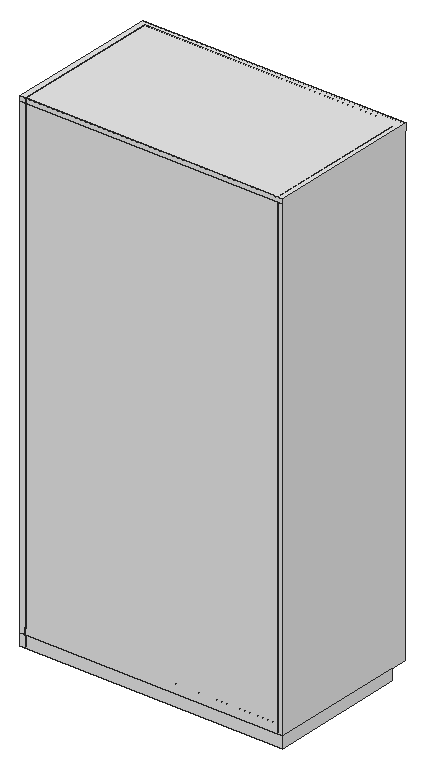
Revit family "Lockers_Series-52-with-Bottom-Base_Lincora", category Casework, Revit 2026
Family settings
  Work Plane-Based = No
  Always vertical = Yes
  Cut with Voids When Loaded = No
  Shared = No
  Room Calculation Point = No
Parameters (values of type "Series 52_White")
  Width = if(and(Requested Width < Max Width, Requested Width > Min Width), Requested Width, if(or(Requested Width = Max Width, Requested Width > Max Width), Max Width, Min Width))  # 48"
  URL = "https://www.lincora.com"
  Specification = "https://www.arcat.com/company/Harvey-Building-Products-32985/spec"
  Requested Width = 48"
  Requested Height = 90"
  Requested Depth = 28"
  Product Page URL = "https://www.arcat.com/company/Harvey-Building-Products-32985"
  Number Plate Material = Black Plastic
  Model = "Series 52"
  Min Width = 9"  # constant formula
  Min Height = 30 1/2"  # constant formula
  Min Depth = 12"  # constant formula
  Max Width = 48"  # constant formula
  Max Height = 90"  # constant formula
  Max Depth = 28"  # constant formula
  Manufacturer = "Lincora"
  Lock Material = Aluminum
  Keynote = "10 51 00"
  Increment = "8-Jan"
  Hook Width = Width - 2"  # 46"
  Hook Material = Aluminum
  Height = if(and(Requested Height < Max Height, Requested Height > Min Height), Requested Height, if(or(Requested Height = Max Height, Requested Height > Max Height), Max Height, Min Height))  # 90"
  Door Material = White
  Depth = if(and(Requested Depth < Max Depth, Requested Depth > Min Depth), Requested Depth, if(or(Requested Depth = Max Depth, Requested Depth > Max Depth), Max Depth, Min Depth))  # 28"
  Default Elevation = 0"
  Copyright = "ARCAT, Inc."
  CAD Details = "https://www.arcat.com/company/Harvey-Building-Products-32985/cad"
  Body Material = White
  Base Material = White
Types (12): name | Width | Requested Width | Requested Height | Requested Depth | Increment | Hook Width | Height | Door Material | Depth | Body Material | Base Material
  Series 52_White | 48" | 48" | 90" | 28" | "8-Jan" | 46" | 90" | White | 28" | White | White
  Series 52_Nevada Beige | 9" | 0" | 0" | 0" | "" | 7" | 30 1/2" | Nevada Beige | 12" | Nevada Beige | Nevada Beige
  Series 52_Pearl Gray | 9" | 0" | 0" | 0" | "" | 7" | 30 1/2" | Pearl Gray | 12" | Pearl Gray | Pearl Gray
  Series 52_Aluminum Gray | 9" | 0" | 0" | 0" | "" | 7" | 30 1/2" | Aluminum Gray | 12" | Aluminum Gray | Aluminum Gray
  Series 52_Platinum Gray | 9" | 0" | 0" | 0" | "" | 7" | 30 1/2" | Platinum Gray | 12" | Platinum Gray | Platinum Gray
  Series 52_Medium Gray | 9" | 0" | 0" | 0" | "" | 7" | 30 1/2" | Medium Gray | 12" | Medium Gray | Medium Gray
  Series 52_Dark Gray | 9" | 0" | 0" | 0" | "" | 7" | 30 1/2" | Dark Gray | 12" | Dark Gray | Dark Gray
  Series 52_Ocean Blue | 9" | 0" | 0" | 0" | "" | 7" | 30 1/2" | Ocean Blue | 12" | Ocean Blue | Ocean Blue
  Series 52_Azure Blue | 9" | 0" | 0" | 0" | "" | 7" | 30 1/2" | Azure Blue | 12" | Azure Blue | Azure Blue
  Series 52_Dark Blue | 9" | 0" | 0" | 0" | "" | 7" | 30 1/2" | Dark Blue | 12" | Dark Blue | Dark Blue
  Series 52_Black | 9" | 0" | 0" | 0" | "" | 7" | 30 1/2" | Black | 12" | Black | Black
  Series 52_Red | 9" | 0" | 0" | 0" | "" | 7" | 30 1/2" | Red | 12" | Red | Red
Reference planes (in)
  plane 1 "Center (Front/Back)": y = 0
  plane 2: z = 0
  plane 3 "Center (Left/Right)": x = 0
  plane 4: y = 14
  plane 5: y = -14
  plane 6: x = 24
  plane 7: x = -24
  plane 8: z = 90
  plane 9: y = 11
  plane 10: y = 12.645
  plane 11: y = 12.436
  plane 12: y = -13.902
  plane 13: z = 12.354
  plane 14: z = 13.229
  plane 15: z = 70
  plane 16: z = 69.125
  plane 17: z = 89.125
  plane 18: z = 88.59166
  plane 19: z = 3.346
  plane 20: z = 3.125
  plane 21: z = 2
  plane 22: z = 3
  plane 23: z = 3.937
  plane 24: z = 4.356
  plane 25: y = 11.936
  plane 26: y = 9.542
  plane 27: y = 8.106
  plane 28: y = -11.216
  plane 29: y = -12.652
  plane 30: x = -23.015
  plane 31: x = 23.015
  plane 32: x = -22.877
  plane 33: x = 22.77
  plane 34: x = -22.752
  plane 35: z = 45
  plane 36: z = 80
  plane 37: z = 79.125
  plane 38: x = -22.30078
  plane 39: x = -19.764
  plane 40: z = 48.48
  plane 41: z = 42.48
Forms (in)
  Extrusion 1, solid, material "White" <- "Body Material"
    sketch origin (0, 0, 0) x (0, 1, 0) y (0, 0, 1)
      loop
        line (12.382, 88.867) -> (12.382, 88.192)
        arc (12.382, 88.192) -> (12.361, 88.171) -> (12.34, 88.192) r 0.021
        line (12.34, 88.192) -> (12.34, 88.492) -> (12.286, 88.492) -> (12.286, 88.192)
        arc (12.286, 88.192) -> (12.361, 88.117) -> (12.436, 88.192) r 0.075
        line (12.436, 88.192) -> (12.436, 88.813) -> (14.064, 88.813) -> (14.064, 90) -> (-14.01, 90) -> (-14.01, 89.125) -> (-13.956, 89.125) -> (-13.956, 89.946) -> (14.01, 89.946) -> (14.01, 88.867) -> (12.382, 88.867)
    from -24 to 24
  Extrusion 2, solid, material "White" <- "Body Material"
    sketch origin (0, 0, 0) x (0, 1, 0) y (0, 0, 1)
      loop
        line (12.203, 89.125) -> (12.203, 89.946) -> (-13.852, 89.946) -> (-13.852, 89.125) -> (12.203, 89.125)
    from -23.015 to 23.015
  Extrusion 3, solid, material "White" <- "Body Material"
    sketch origin (0, 0, 0) x (0, 1, 0) y (0, 0, 1)
      loop
        line (12.382, 69.946) -> (12.382, 69.054) -> (11.636, 69.054)
        arc (11.636, 69.054) -> (11.615, 69.075) -> (11.636, 69.096) r 0.021
        line (11.636, 69.096) -> (11.936, 69.096) -> (11.936, 69.15) -> (11.636, 69.15)
        arc (11.636, 69.15) -> (11.561, 69.075) -> (11.636, 69) r 0.075
        line (11.636, 69) -> (12.436, 69) -> (12.436, 70) -> (-13.892, 70) -> (-13.892, 69.125) -> (-13.838, 69.125) -> (-13.838, 69.946) -> (12.382, 69.946)
    from -23.015 to 23.015
  Extrusion 4, solid, material "White" <- "Base Material"
    sketch origin (0, 0, 0) x (0, 1, 0) y (0, 0, 1)
      loop
        line (11, 2) -> (-14, 2) -> (-14, 0) -> (11, 0) -> (11, 2)
      loop
        line (10.946, 1.946) -> (-13.946, 1.946) -> (-13.946, 0.054) -> (10.946, 0.054) -> (10.946, 1.946)
    from -24 to 24
  Extrusion 5, solid, material "White" <- "Base Material"
    sketch origin (0, 0, 0) x (1, 0, 0) y (0, 1, 0)
      loop
        line (23.015, 10.946) -> (23.015, -13.946) -> (24, -13.946) -> (24, 10.946) -> (23.015, 10.946)
      loop
        line (-24, 10.946) -> (-24, -13.946) -> (-23.015, -13.946) -> (-23.015, 10.946) -> (-24, 10.946)
    from 0.054 to 1.946
  Extrusion 6, solid, material "White" <- "Body Material"
    sketch origin (0, 0, 0) x (0, 1, 0) y (0, 0, 1)
      loop
        line (13.882, 2.054) -> (13.436, 2.054) -> (13.436, 2) -> (13.936, 2) -> (13.936, 3.125) -> (12.436, 3.125) -> (12.436, 3.937) -> (-13.892, 4.356) -> (-13.892, 2.044) -> (-13.838, 2.044) -> (-13.838, 4.3008) -> (12.382, 3.88417) -> (12.382, 3.071) -> (13.882, 3.071) -> (13.882, 2.054)
    from -23.015 to 23.015
  Extrusion 7, solid, material "White" <- "Body Material"
    sketch origin (0, 0, 0) x (0, 1, 0) y (0, 0, 1)
      loop
        line (13.946, 2.044) -> (14, 2.044) -> (14, 3.265) -> (13.102, 3.265) -> (13.102, 3.346) -> (13.063, 3.346) -> (13.063, 3.141) -> (13.946, 3.141) -> (13.946, 2.044)
    from -23.015 to 23.015
  Extrusion 8, solid, material "White" <- "Door Material"
    sketch origin (0, 0, 0) x (0, 1, 0) y (0, 0, 1)
      loop
        line (13.929, 3.32428) -> (13.102, 3.32428) -> (13.102, 3.265) -> (14, 3.265) -> (14, 88.67266) -> (13.102, 88.67266) -> (13.102, 88.60166) -> (13.929, 88.60166) -> (13.929, 88.56822) -> (12.645, 88.56822) -> (12.645, 3.35772) -> (13.929, 3.35772) -> (13.929, 3.32428)
      loop
        line (13.929, 88.51422) -> (12.699, 88.51422) -> (12.699, 3.4) -> (13.929, 3.4) -> (13.929, 88.51422)
    from -22.877 to 22.77
  Extrusion 9, solid, material "White" <- "Body Material"
    sketch origin (0, 0, 0) x (0, 1, 0) y (0, 0, 1)
      loop
        line (11.936, 69.125) -> (11.936, 69.946) -> (-13.784, 69.946) -> (-13.784, 69.125) -> (11.936, 69.125)
    from -23.015 to 23.015
  Extrusion 10, solid, material "White" <- "Body Material"
    sketch origin (0, 0, -48.147) x (0, 1, 0) y (0, 0, 1)
      loop
        line (12.382, 61.322) -> (12.382, 60.43) -> (11.636, 60.43)
        arc (11.636, 60.43) -> (11.615, 60.451) -> (11.636, 60.472) r 0.021
        line (11.636, 60.472) -> (11.936, 60.472) -> (11.936, 60.526) -> (11.636, 60.526)
        arc (11.636, 60.526) -> (11.561, 60.451) -> (11.636, 60.376) r 0.075
        line (11.636, 60.376) -> (12.436, 60.376) -> (12.436, 61.376) -> (-13.892, 61.376) -> (-13.892, 60.501) -> (-13.838, 60.501) -> (-13.838, 61.322) -> (12.382, 61.322)
    from -23.015 to 23.015
  Extrusion 11, solid, material "White" <- "Body Material"
    sketch origin (0, 0, -48.147) x (0, 1, 0) y (0, 0, 1)
      loop
        line (11.936, 60.501) -> (11.936, 61.322) -> (-13.784, 61.322) -> (-13.784, 60.501) -> (11.936, 60.501)
    from -23.015 to 23.015
  Extrusion 12, solid, material "White" <- "Body Material"
    sketch origin (0, 0, 0) x (0, 1, 0) y (0, 0, 1)
      loop
        line (10.375, 2.14482) -> (12.20371, 2.10466) -> (12.24286, 3.88723) -> (-13.76402, 4.29918) -> (-13.78121, 3.51636) -> (-12.80341, 2.49465) -> (-10.375, 2.44132) -> (-10.375, 3) -> (10.375, 3) -> (10.375, 2.14482)
    from -23.015 to 23.015
  Extrusion 13, solid, material "White" <- "Body Material"
    sketch origin (0, 0, 0) x (0, 1, 0) y (0, 0, 1)
      loop
        line (-13.071, 2.044) -> (-13.902, 2.044) -> (-13.902, 89.92869) -> (-14, 89.94497) -> (-14, 2.044) -> (-13.946, 2.044) -> (-13.946, 2) -> (-13.071, 2) -> (-13.071, 2.044)
    from -23.015 to 23.015
  Extrusion 14, solid, material "White" <- "Body Material"
    sketch origin (0, 0, 0) x (1, 0, 0) y (0, 0, 1)
      loop
        line (-23.015, 89.946) -> (-23.015, 88.92066) -> (-24, 88.92066) -> (-24, 88.813) -> (24, 88.813) -> (24, 88.92066) -> (23.015, 88.92066) -> (23.015, 89.946) -> (-23.015, 89.946)
    from -14 to -13.171
  Extrusion 15, solid, material "White" <- "Body Material"
    sketch origin (0, 0, 0) x (1, 0, 0) y (0, 0, 1)
      loop
        line (-23.015, 3.125) -> (-23.015, 89.892) -> (-23.015, 90) -> (-24, 90) -> (-24, 2.044) -> (-23.123, 2.044) -> (-23.123, 3.125) -> (-23.015, 3.125)
      loop
        line (23.015, 90) -> (23.015, 3.125) -> (23.123, 3.125) -> (23.123, 2.044) -> (24, 2.044) -> (24, 90) -> (23.015, 90)
    from -14 to 14
  Extrusion 16, solid, material "Black Plastic" <- "Number Plate Material"
    sketch origin (6.57031, 0, -4.42969) x (1, 0, 0) y (0, 0, 1)
      loop
        line (-3.935, 49.683) -> (-6.195, 49.683) -> (-6.195, 48.923) -> (-3.935, 48.923) -> (-3.935, 49.683)
    from -14.052 to -14
  Extrusion 17, solid, material "Black Plastic" <- "Number Plate Material"
    sketch origin (6.57031, 0, -4.42969) x (1, 0, 0) y (0, 0, 1)
      loop
        arc (-4.50908, 49.44871) -> (-4.55774, 49.46572) -> (-4.59174, 49.50446) r 0.10143
        line (-4.59174, 49.50446) -> (-4.63323, 49.50446) -> (-4.63323, 49.144) -> (-4.70422, 49.144) -> (-4.70422, 49.10316) -> (-4.50908, 49.10316) -> (-4.50908, 49.144) -> (-4.58169, 49.144) -> (-4.58169, 49.41208) -> (-4.50908, 49.41208) -> (-4.50908, 49.44871)
      loop
        spline (-4.91459, 49.09473) -> (-4.88143, 49.10183) -> (-4.85052, 49.12264) -> (-4.82398, 49.15573) -> (-4.80362, 49.19887) -> (-4.79082, 49.2491) -> (-4.78645, 49.303) -> (-4.79082, 49.3569) -> (-4.80362, 49.40713) -> (-4.82398, 49.45027) -> (-4.85052, 49.48336) -> (-4.88143, 49.50417) -> (-4.91459, 49.51127)
        spline (-4.91459, 49.51127) -> (-4.94776, 49.50417) -> (-4.97867, 49.48336) -> (-5.00521, 49.45027) -> (-5.02557, 49.40713) -> (-5.03837, 49.3569) -> (-5.04274, 49.303) -> (-5.03837, 49.2491) -> (-5.02557, 49.19887) -> (-5.00521, 49.15573) -> (-4.97867, 49.12264) -> (-4.94776, 49.10183) -> (-4.91459, 49.09473)
      loop
        spline (-4.91459, 49.12322) -> (-4.89055, 49.12935) -> (-4.86815, 49.14731) -> (-4.84892, 49.17588) -> (-4.83416, 49.21311) -> (-4.82488, 49.25647) -> (-4.82171, 49.303) -> (-4.82488, 49.34953) -> (-4.83416, 49.39289) -> (-4.84892, 49.43012) -> (-4.86815, 49.45869) -> (-4.89055, 49.47665) -> (-4.91459, 49.48278)
        spline (-4.91459, 49.48278) -> (-4.93863, 49.47665) -> (-4.96104, 49.45869) -> (-4.98027, 49.43012) -> (-4.99503, 49.39289) -> (-5.00431, 49.34953) -> (-5.00748, 49.303) -> (-5.00431, 49.25647) -> (-4.99503, 49.21311) -> (-4.98027, 49.17588) -> (-4.96104, 49.14731) -> (-4.93863, 49.12935) -> (-4.91459, 49.12322)
      loop
        spline (-5.21476, 49.09473) -> (-5.18159, 49.10183) -> (-5.15069, 49.12264) -> (-5.12415, 49.15573) -> (-5.10378, 49.19887) -> (-5.09098, 49.2491) -> (-5.08661, 49.303) -> (-5.09098, 49.3569) -> (-5.10378, 49.40713) -> (-5.12415, 49.45027) -> (-5.15069, 49.48336) -> (-5.18159, 49.50417) -> (-5.21476, 49.51127)
        spline (-5.21476, 49.51127) -> (-5.24792, 49.50417) -> (-5.27883, 49.48336) -> (-5.30537, 49.45027) -> (-5.32573, 49.40713) -> (-5.33853, 49.3569) -> (-5.3429, 49.303) -> (-5.33853, 49.2491) -> (-5.32573, 49.19887) -> (-5.30537, 49.15573) -> (-5.27883, 49.12264) -> (-5.24792, 49.10183) -> (-5.21476, 49.09473)
      loop
        spline (-5.21476, 49.12322) -> (-5.19072, 49.12935) -> (-5.16832, 49.14731) -> (-5.14908, 49.17588) -> (-5.13432, 49.21311) -> (-5.12504, 49.25647) -> (-5.12187, 49.303) -> (-5.12504, 49.34953) -> (-5.13432, 49.39289) -> (-5.14908, 49.43012) -> (-5.16832, 49.45869) -> (-5.19072, 49.47665) -> (-5.21476, 49.48278)
        spline (-5.21476, 49.48278) -> (-5.2388, 49.47665) -> (-5.2612, 49.45869) -> (-5.28044, 49.43012) -> (-5.2952, 49.39289) -> (-5.30448, 49.34953) -> (-5.30764, 49.303) -> (-5.30448, 49.25647) -> (-5.2952, 49.21311) -> (-5.28044, 49.17588) -> (-5.2612, 49.14731) -> (-5.2388, 49.12935) -> (-5.21476, 49.12322)
      loop
        spline (-5.51492, 49.09473) -> (-5.48175, 49.10183) -> (-5.45085, 49.12264) -> (-5.42431, 49.15573) -> (-5.40394, 49.19887) -> (-5.39114, 49.2491) -> (-5.38678, 49.303) -> (-5.39114, 49.3569) -> (-5.40394, 49.40713) -> (-5.42431, 49.45027) -> (-5.45085, 49.48336) -> (-5.48175, 49.50417) -> (-5.51492, 49.51127)
        spline (-5.51492, 49.51127) -> (-5.54808, 49.50417) -> (-5.57899, 49.48336) -> (-5.60553, 49.45027) -> (-5.62589, 49.40713) -> (-5.6387, 49.3569) -> (-5.64306, 49.303) -> (-5.6387, 49.2491) -> (-5.62589, 49.19887) -> (-5.60553, 49.15573) -> (-5.57899, 49.12264) -> (-5.54808, 49.10183) -> (-5.51492, 49.09473)
      loop
        spline (-5.51492, 49.12322) -> (-5.49088, 49.12935) -> (-5.46848, 49.14731) -> (-5.44924, 49.17588) -> (-5.43448, 49.21311) -> (-5.4252, 49.25647) -> (-5.42204, 49.303) -> (-5.4252, 49.34953) -> (-5.43448, 49.39289) -> (-5.44924, 49.43012) -> (-5.46848, 49.45869) -> (-5.49088, 49.47665) -> (-5.51492, 49.48278)
        spline (-5.51492, 49.48278) -> (-5.53896, 49.47665) -> (-5.56136, 49.45869) -> (-5.5806, 49.43012) -> (-5.59536, 49.39289) -> (-5.60464, 49.34953) -> (-5.6078, 49.303) -> (-5.60464, 49.25647) -> (-5.59536, 49.21311) -> (-5.5806, 49.17588) -> (-5.56136, 49.14731) -> (-5.53896, 49.12935) -> (-5.51492, 49.12322)
    from -14.052 to -14.08434
  Extrusion 18, solid, material "White" <- "Body Material"
    sketch origin (0, 0, 10) x (0, 1, 0) y (0, 0, 1)
      loop
        line (12.382, 69.946) -> (12.382, 69.054) -> (11.636, 69.054)
        arc (11.636, 69.054) -> (11.615, 69.075) -> (11.636, 69.096) r 0.021
        line (11.636, 69.096) -> (11.936, 69.096) -> (11.936, 69.15) -> (11.636, 69.15)
        arc (11.636, 69.15) -> (11.561, 69.075) -> (11.636, 69) r 0.075
        line (11.636, 69) -> (12.436, 69) -> (12.436, 70) -> (-13.892, 70) -> (-13.892, 69.125) -> (-13.838, 69.125) -> (-13.838, 69.946) -> (12.382, 69.946)
    from -22.877 to 22.77
  Extrusion 19, solid, material "White" <- "Body Material"
    sketch origin (0, 0, 10) x (0, 1, 0) y (0, 0, 1)
      loop
        line (11.90183, 69.125) -> (11.90183, 69.946) -> (-13.679, 69.946) -> (-13.679, 69.125) -> (11.90183, 69.125)
    from -22.877 to 22.77
  Extrusion 20, void
    sketch origin (0, 0, 0) x (1, 0, 0) y (0, 0, 1)
      loop
        line (-19.764, 88.59166) -> (-22.30078, 88.59166) -> (-22.30078, 3.346) -> (-19.764, 3.346) -> (-19.764, 88.59166)
    from -14 to -13.063
  Extrusion 21, solid, material "Aluminum" <- "Lock Material"
    sketch origin (0, 0, 0) x (1, 0, 0) y (0, 0, 1)
      loop
        line (-19.764, 48.48) -> (-22.30078, 48.48) -> (-22.30078, 42.48) -> (-19.764, 42.48) -> (-19.764, 48.48)
      loop
        arc (-21.1535, 47.511) -> (-21.372, 47.7295) -> (-21.5905, 47.511) r 0.2185
        line (-21.5905, 47.511) -> (-21.5905, 46.4485)
        arc (-21.5905, 46.4485) -> (-21.372, 46.23) -> (-21.1535, 46.4485) r 0.2185
        line (-21.1535, 46.4485) -> (-21.1535, 47.511)
    from -13.171 to -13.063
  Extrusion 22, solid, material "White" <- "Door Material"
    sketch origin (0, 0, 0) x (0, 1, 0) y (0, 0, 1)
      loop
        line (13.171, 47.6045) -> (12.645, 47.6045) -> (12.645, 46.355) -> (13.171, 46.355)
        arc (13.171, 46.355) -> (13.79575, 46.97975) -> (13.171, 47.6045) r 0.62475
      loop
        circle (13.38975, 46.97975) r 0.17337
    from -21.432 to -21.313
  Extrusion 23, void
    sketch origin (0, 0, 0) x (1, 0, 0) y (0, 0, 1)
      loop
        line (18.599, 86.673) -> (18.599, 86.423) -> (19.411, 86.423) -> (19.411, 86.673) -> (18.599, 86.673)
      loop
        line (18.599, 86.173) -> (18.599, 85.923) -> (19.411, 85.923) -> (19.411, 86.173) -> (18.599, 86.173)
      loop
        line (18.599, 85.673) -> (18.599, 85.423) -> (19.411, 85.423) -> (19.411, 85.673) -> (18.599, 85.673)
      loop
        line (18.599, 85.173) -> (18.599, 84.923) -> (19.411, 84.923) -> (19.411, 85.173) -> (18.599, 85.173)
      loop
        line (18.599, 84.673) -> (18.599, 84.423) -> (19.411, 84.423) -> (19.411, 84.673) -> (18.599, 84.673)
      loop
        line (18.599, 84.173) -> (18.599, 83.923) -> (19.411, 83.923) -> (19.411, 84.173) -> (18.599, 84.173)
      loop
        line (18.599, 83.673) -> (18.599, 83.423) -> (19.411, 83.423) -> (19.411, 83.673) -> (18.599, 83.673)
      loop
        line (18.599, 83.173) -> (18.599, 82.923) -> (19.411, 82.923) -> (19.411, 83.173) -> (18.599, 83.173)
      loop
        line (18.599, 82.673) -> (18.599, 82.423) -> (19.411, 82.423) -> (19.411, 82.673) -> (18.599, 82.673)
      loop
        line (18.599, 82.173) -> (18.599, 81.923) -> (19.411, 81.923) -> (19.411, 82.173) -> (18.599, 82.173)
      loop
        line (18.599, 81.673) -> (18.599, 81.423) -> (19.411, 81.423) -> (19.411, 81.673) -> (18.599, 81.673)
      loop
        line (18.599, 81.173) -> (18.599, 80.923) -> (19.411, 80.923) -> (19.411, 81.173) -> (18.599, 81.173)
      loop
        line (18.599, 11.015) -> (18.599, 10.765) -> (19.411, 10.765) -> (19.411, 11.015) -> (18.599, 11.015)
      loop
        line (18.599, 10.515) -> (18.599, 10.265) -> (19.411, 10.265) -> (19.411, 10.515) -> (18.599, 10.515)
      loop
        line (18.599, 10.015) -> (18.599, 9.765) -> (19.411, 9.765) -> (19.411, 10.015) -> (18.599, 10.015)
      loop
        line (18.599, 9.515) -> (18.599, 9.265) -> (19.411, 9.265) -> (19.411, 9.515) -> (18.599, 9.515)
      loop
        line (18.599, 9.015) -> (18.599, 8.765) -> (19.411, 8.765) -> (19.411, 9.015) -> (18.599, 9.015)
      loop
        line (18.599, 8.515) -> (18.599, 8.265) -> (19.411, 8.265) -> (19.411, 8.515) -> (18.599, 8.515)
      loop
        line (18.599, 8.015) -> (18.599, 7.765) -> (19.411, 7.765) -> (19.411, 8.015) -> (18.599, 8.015)
      loop
        line (18.599, 7.515) -> (18.599, 7.265) -> (19.411, 7.265) -> (19.411, 7.515) -> (18.599, 7.515)
      loop
        line (18.599, 7.015) -> (18.599, 6.765) -> (19.411, 6.765) -> (19.411, 7.015) -> (18.599, 7.015)
      loop
        line (18.599, 6.515) -> (18.599, 6.265) -> (19.411, 6.265) -> (19.411, 6.515) -> (18.599, 6.515)
      loop
        line (18.599, 6.015) -> (18.599, 5.765) -> (19.411, 5.765) -> (19.411, 6.015) -> (18.599, 6.015)
      loop
        line (18.599, 5.515) -> (18.599, 5.265) -> (19.411, 5.265) -> (19.411, 5.515) -> (18.599, 5.515)
    from -14 to -12.645
  Extrusion 24, solid, material "White" <- "Door Material"
    sketch origin (0, 0, 0) x (1, 0, 0) y (0, 1, 0)
      loop
        line (-22.42578, 14) -> (-22.42578, 12.645) -> (-19.639, 12.645) -> (-19.639, 14) -> (-22.42578, 14)
    from 3.265 to 88.67266
Cuts and joins
  joined: Extrusion 4, Extrusion 5
  joined: Extrusion 1, Extrusion 14, Extrusion 15
  Extrusion 20 cuts Extrusion 3
  Extrusion 20 cuts Extrusion 6
  Extrusion 20 cuts Extrusion 9
  Extrusion 20 cuts Extrusion 10
  Extrusion 20 cuts Extrusion 11
  Extrusion 20 cuts Extrusion 12
  Extrusion 20, Extrusion 23 cuts Extrusion 13
  Extrusion 20 cuts Extrusion 18
  Extrusion 20 cuts Extrusion 19
  Extrusion 20, Extrusion 23 cuts Extrusion 8
  Extrusion 20 cuts Extrusion 24
  joined: Extrusion 8, Extrusion 24
Dimensions and locks (in)
  equal spacing: plane 7, plane 3 "Center (Left/Right)", plane 6
  equal spacing: plane 4, plane 1 "Center (Front/Back)", plane 5
  "Width": plane 7 to plane 6
  "Depth": plane 5 to plane 4
  "Height": plane 8 to level
  plane 8 to plane 17 to plane 18 to plane 36 to plane 15 to plane 16 = 7/8", 0.53334", 8.59166" locked, 10" locked, 7/8" locked
  plane 14 to plane 13 to plane 24 to plane 23 to plane 19 to plane 20 to plane 22 to plane 21 to level = 7/8" locked, 7.998" locked, 0.419" locked, 0.591" locked, 0.221" locked, 1/8" locked, 1" locked, 2" locked
  plane 4 to plane 10 to plane 11 to plane 25 to plane 9 to plane 26 to plane 27 = 1.355" locked, 0.209" locked, 1/2" locked, 0.936" locked, 1.458" locked, 1.436" locked
  plane 28 to plane 29 to plane 12 to plane 5 = 1.436" locked, 1 1/4" locked, 0.098" locked
  plane 7 to plane 30 to plane 32 to plane 34 to plane 38 to plane 39 = 0.985" locked, 0.138" locked, 1/8" locked, 0.45122" locked, 2.53678" locked
  plane 6 to plane 31 to plane 33 = 0.985" locked, 0.245" locked
  equal spacing: plane 8, plane 35, level
  locked: plane 9 to Extrusion 4 sketch curve at 0.054
  locked: Extrusion 4 sketch curve to plane 5 at 0.054
  locked: Extrusion 4 sketch curve to level at 0.054
  locked: plane 21 to Extrusion 4 sketch curve at 0.054
  Extrusion 6 sketch curve to Extrusion 6 sketch curve to plane 21 = 2.2568" locked, 0.044" locked
  Extrusion 6 sketch curve to Extrusion 6 sketch curve to plane 12 = 0.054" locked, 0.01" locked
  plane 4 to Extrusion 6 sketch curve to Extrusion 6 sketch curve to Extrusion 6 sketch curve to Extrusion 6 sketch curve to Extrusion 6 sketch curve = 0.064" locked, 0.054" locked, 0.446" locked, 1" locked, 0.054" locked
  Extrusion 6 sketch curve to Extrusion 6 sketch curve to Extrusion 6 sketch curve to plane 21 = 0.81317" locked, 1.017" locked, 0.054" locked
  plane 19 to Extrusion 7 sketch curve to Extrusion 7 sketch curve to Extrusion 7 sketch curve = 0.081" locked, 0.124" locked, 1.097" locked
  plane 4 to Extrusion 7 sketch curve to Extrusion 7 sketch curve to Extrusion 7 sketch curve = 0.054" locked, 0.844" locked, 0.039" locked
  Extrusion 8 sketch curve to Extrusion 8 sketch curve to plane 18 to Extrusion 8 sketch curve to Extrusion 8 sketch curve = 0.071" locked, 0.01" locked, 3/128" locked, 0.054" locked
  locked: plane 4 to Extrusion 8 sketch curve at 0.071
  locked: Extrusion 8 sketch curve to plane 10 at 0.054
  Extrusion 8 sketch curve to Extrusion 8 sketch curve to Extrusion 8 sketch curve to Extrusion 7 to plane 20 = 0.04228" locked, 0.03344" locked, 0.05928" locked, 0.14" locked
  plane 4 to Extrusion 8 sketch curve to Extrusion 8 sketch curve = 0.071" locked, 0.827" locked
  locked: Extrusion 9 sketch curve to plane 12 at 0.118
  locked: Extrusion 11 sketch curve to plane 12 at 0.118
  locked: Extrusion 13 sketch curve to plane 21 at 0.044
  locked: Extrusion 14 to plane 18 at 0.329  (x2)
  locked: Extrusion 15 sketch curve to plane 21 at 0.044  (x2)
  locked: Extrusion 14 to plane 10 at 0.526
  plane 4 to Extrusion 12 sketch curve to Extrusion 12 sketch curve to Extrusion 12 sketch curve = 1.75714" locked, 0.03915" locked, 1.82871" locked
  Extrusion 12 sketch curve to Extrusion 12 sketch curve to Extrusion 12 sketch curve to Extrusion 12 sketch curve to plane 5 = 2.42841" locked, 0.96061" locked, 0.01719" locked, 0.21879" locked
  plane 23 to Extrusion 12 sketch curve to Extrusion 12 sketch curve to Extrusion 12 sketch curve = 0.04977" locked, 1.74241" locked, 0.04016" locked
  plane 24 to Extrusion 12 sketch curve to Extrusion 12 sketch curve to Extrusion 12 sketch curve to Extrusion 12 sketch curve = 0.05682" locked, 0.78281" locked, 1.02172" locked, 0.05333" locked
  locked: Extrusion 16 to plane 4 at 0.052
  locked: Extrusion 17 to plane 4 at 0.08434
  locked: plane 36 to plane 37 at 0.875
  plane 8 to Extrusion 1 sketch curve to Extrusion 1 sketch curve to Extrusion 1 sketch curve to Extrusion 1 sketch curve to Extrusion 1 sketch curve to Extrusion 1 sketch curve = 0.054" locked, 1.079" locked, 0.054" locked, 0.321" locked, 0.321" locked, 0.054" locked
  Extrusion 1 sketch curve to Extrusion 1 sketch curve to plane 4 to Extrusion 1 sketch curve to Extrusion 1 sketch curve to Extrusion 1 sketch curve to Extrusion 1 sketch curve = 0.054" locked, 0.01" locked, 1.564" locked, 0.054" locked, 0.042" locked, 0.054" locked
  locked: Extrusion 2 sketch curve to plane 12 at 0.05
  locked: plane 11 to Extrusion 2 sketch curve at 0.233
  Extrusion 14 sketch curve to Extrusion 14 sketch curve to Extrusion 14 sketch curve to plane 8 = 0.10766" locked, 1.02534" locked, 0.054" locked
  plane 11 to Extrusion 18 sketch curve to Extrusion 18 sketch curve to Extrusion 18 sketch curve to Extrusion 18 sketch curve = 0.054" locked, 0.446" locked, 0.321" locked, 0.054" locked
  plane 36 to Extrusion 18 sketch curve to Extrusion 18 sketch curve to Extrusion 18 sketch curve to Extrusion 18 sketch curve to Extrusion 18 sketch curve = 0.054" locked, 0.796" locked, 0.054" locked, 0.042" locked, 0.054" locked
  Extrusion 18 sketch curve to Extrusion 18 sketch curve to plane 5 = 0.054" locked, 0.108" locked
  locked: plane 25 to Extrusion 19 sketch curve at 0.03417
  locked: plane 29 to Extrusion 19 sketch curve at 1.027
  plane 11 to Extrusion 3 sketch curve to Extrusion 3 sketch curve to Extrusion 3 sketch curve = 0.054" locked, 0.767" locked, 0.054" locked
  plane 15 to Extrusion 3 sketch curve to Extrusion 3 sketch curve to Extrusion 3 sketch curve to Extrusion 3 sketch curve to Extrusion 3 sketch curve = 0.054" locked, 0.796" locked, 0.054" locked, 0.042" locked, 0.054" locked
  Extrusion 3 sketch curve to Extrusion 3 sketch curve to plane 5 = 0.054" locked, 0.108" locked
  plane 11 to Extrusion 10 sketch curve to Extrusion 10 sketch curve to Extrusion 10 sketch curve = 0.054" locked, 0.767" locked, 0.054" locked
  plane 14 to Extrusion 10 sketch curve to Extrusion 10 sketch curve to Extrusion 10 sketch curve to Extrusion 10 sketch curve to Extrusion 10 sketch curve = 0.054" locked, 0.796" locked, 0.054" locked, 0.042" locked, 0.054" locked
  Extrusion 10 sketch curve to Extrusion 10 sketch curve to plane 5 = 0.054" locked, 0.108" locked
  plane 41 to plane 35 to plane 40 = 2.52" locked, 3.48" locked
  Extrusion 21 sketch curve to Extrusion 21 sketch curve to Extrusion 21 sketch curve to Extrusion 21 sketch curve to plane 40 = 0.2185" locked, 1 1/16" locked, 0.2185" locked, 0.7505" locked
  plane 38 to Extrusion 21 sketch curve to Extrusion 21 sketch curve = 0.71028" locked, 0.437" locked
  Extrusion 22 sketch curve to Extrusion 22 sketch curve to plane 11 = 0.62475" locked, 0.735" locked
  Extrusion 22 sketch curve to Extrusion 22 sketch curve to plane 35 = 1.2495" locked, 1.355" locked
  locked: plane 40 to Extrusion 22 sketch curve at 1.50025
  locked: Extrusion 22 sketch curve to plane 11 at 0.95375
  plane 34 to Extrusion 22 to Extrusion 22 = 1.32" locked, 0.119" locked
  Extrusion 16 sketch curve to Extrusion 16 sketch curve to plane 3 "Center (Left/Right)" = 2.26" locked, 0.37531" locked
  locked: plane 35 to Extrusion 16 sketch curve at 0.25331
  Extrusion 17 sketch curve to Extrusion 17 sketch curve to Extrusion 17 sketch curve to plane 35 to Extrusion 17 sketch curve to Extrusion 17 sketch curve = 0.04084" locked, 0.26807" locked, 0.01761" locked, 0.01902" locked, 0.05575" locked
  Extrusion 17 sketch curve to Extrusion 17 sketch curve to Extrusion 17 sketch curve to Extrusion 17 sketch curve to Extrusion 17 sketch curve to plane 3 "Center (Left/Right)" = 0" locked, 0.07261" locked, 0.05154" locked, 0.07099" locked, 1.86609" locked
  level to Extrusion 23 sketch curve to Extrusion 23 sketch curve to Extrusion 23 sketch curve to Extrusion 23 sketch curve to Extrusion 23 sketch curve to Extrusion 23 sketch curve to Extrusion 23 sketch curve to Extrusion 23 sketch curve to Extrusion 23 sketch curve to Extrusion 23 sketch curve to Extrusion 23 sketch curve to Extrusion 23 sketch curve to Extrusion 23 sketch curve to Extrusion 23 sketch curve to Extrusion 23 sketch curve to Extrusion 23 sketch curve to Extrusion 23 sketch curve to Extrusion 23 sketch curve to Extrusion 23 sketch curve to Extrusion 23 sketch curve to Extrusion 23 sketch curve to Extrusion 23 sketch curve to Extrusion 23 sketch curve to Extrusion 23 sketch curve = 5.265", 1/4" locked, 1/4" locked, 1/4" locked, 1/4" locked, 1/4" locked, 1/4" locked, 1/4" locked, 1/4" locked, 1/4" locked, 1/4" locked, 1/4" locked, 1/4" locked, 1/4" locked, 1/4" locked, 1/4" locked, 1/4" locked, 1/4" locked, 1/4" locked, 1/4" locked, 1/4" locked, 1/4" locked, 1/4" locked, 1/4" locked
  Extrusion 23 sketch curve to Extrusion 23 sketch curve to Extrusion 23 sketch curve to Extrusion 23 sketch curve to Extrusion 23 sketch curve to Extrusion 23 sketch curve to Extrusion 23 sketch curve to Extrusion 23 sketch curve to Extrusion 23 sketch curve to Extrusion 23 sketch curve to Extrusion 23 sketch curve to Extrusion 23 sketch curve to Extrusion 23 sketch curve to Extrusion 23 sketch curve to Extrusion 23 sketch curve to Extrusion 23 sketch curve to Extrusion 23 sketch curve to Extrusion 23 sketch curve to Extrusion 23 sketch curve to Extrusion 23 sketch curve to Extrusion 23 sketch curve to Extrusion 23 sketch curve to Extrusion 23 sketch curve to Extrusion 23 sketch curve to plane 8 = 1/4" locked, 1/4" locked, 1/4" locked, 1/4" locked, 1/4" locked, 1/4" locked, 1/4" locked, 1/4" locked, 1/4" locked, 1/4" locked, 1/4" locked, 1/4" locked, 1/4" locked, 1/4" locked, 1/4" locked, 1/4" locked, 1/4" locked, 1/4" locked, 1/4" locked, 1/4" locked, 1/4" locked, 1/4" locked, 1/4" locked, 3.327" locked
  plane 6 to Extrusion 23 sketch curve to Extrusion 23 sketch curve = 4.589" locked, 0.812" locked
  locked: Extrusion 24 sketch curve to plane 38 at 0.125
  locked: plane 39 to Extrusion 24 sketch curve at 0.125
  aligned and locked: plane 2 to level
  aligned and locked: plane 21 to Extrusion 4 sketch curve
  aligned and locked: plane 9 to Extrusion 4 sketch curve
  aligned and locked: level to Extrusion 4 sketch curve
  aligned and locked: Extrusion 4 sketch curve to plane 5
  aligned and locked: plane 7 to Extrusion 4
  aligned and locked: plane 6 to Extrusion 4
  aligned and locked: Extrusion 5 sketch curve to plane 6
  aligned and locked: plane 31 to Extrusion 5 sketch curve
  aligned and locked: plane 30 to Extrusion 5 sketch curve
  aligned and locked: plane 7 to Extrusion 5 sketch curve
  aligned and locked: cut or joined group of Extrusion 4, Extrusion 5 to cut or joined group of Extrusion 4, Extrusion 5  (x6)
  aligned and locked: plane 24 to Extrusion 6 sketch curve
  aligned and locked: plane 21 to Extrusion 6 sketch curve
  aligned and locked: Extrusion 6 sketch curve to plane 20
  aligned and locked: plane 23 to Extrusion 6 sketch curve
  aligned and locked: Extrusion 7 sketch curve to plane 4
  aligned and locked: plane 19 to Extrusion 7 sketch curve
  aligned and locked: Extrusion 8 sketch curve to plane 10
  aligned and locked: plane 4 to Extrusion 8 sketch curve
  aligned and locked: plane 16 to Extrusion 9 sketch curve
  aligned and locked: Extrusion 11 sketch curve to plane 13
  aligned and locked: plane 22 to Extrusion 12 sketch curve
  aligned and locked: plane 5 to Extrusion 13 sketch curve
  aligned and locked: Extrusion 13 sketch curve to plane 12
  aligned and locked: Extrusion 13 sketch curve to plane 21
  aligned and locked: plane 7 to Extrusion 1
  aligned and locked: plane 6 to Extrusion 1
  aligned and locked: plane 30 to Extrusion 10
  aligned and locked: plane 30 to Extrusion 11
  aligned and locked: plane 30 to Extrusion 3
  aligned and locked: plane 30 to Extrusion 9
  aligned and locked: Extrusion 10 to plane 31
  aligned and locked: Extrusion 3 to plane 31
  aligned and locked: Extrusion 9 to plane 31
  aligned and locked: Extrusion 11 to plane 31
  aligned and locked: plane 30 to Extrusion 12
  aligned and locked: plane 30 to Extrusion 6
  aligned and locked: Extrusion 12 to plane 31
  aligned and locked: Extrusion 6 to plane 31
  aligned and locked: plane 30 to Extrusion 7
  aligned and locked: Extrusion 7 to plane 31
  aligned and locked: plane 7 to Extrusion 14 sketch curve
  aligned and locked: plane 6 to Extrusion 14 sketch curve
  aligned and locked: Extrusion 14 sketch curve to plane 31
  aligned and locked: plane 30 to Extrusion 14 sketch curve
  aligned and locked: plane 31 to Extrusion 15 sketch curve
  aligned and locked: plane 7 to Extrusion 15 sketch curve
  aligned and locked: Extrusion 15 sketch curve to plane 30
  aligned and locked: Extrusion 15 sketch curve to plane 20
  aligned and locked: plane 20 to Extrusion 15 sketch curve
  aligned and locked: Extrusion 15 sketch curve to plane 6
  aligned and locked: plane 4 to Extrusion 14
  aligned and locked: plane 4 to Extrusion 15
  aligned and locked: plane 5 to Extrusion 15
  aligned and locked: Extrusion 15 sketch curve to plane 8
  aligned and locked: plane 8 to Extrusion 15 sketch curve
  aligned and locked: plane 32 to Extrusion 8
  aligned and locked: Extrusion 8 to plane 33
  aligned and locked: Extrusion 13 to plane 31
  aligned and locked: plane 30 to Extrusion 13
  aligned and locked: Extrusion 9 to nested 1
  aligned and locked: plane 3 "Center (Left/Right)" to nested 1
  aligned and locked: plane 4 to Extrusion 16
  aligned and locked: Extrusion 16 to Extrusion 17
  aligned and locked: plane 37 to Extrusion 19 sketch curve
  aligned and locked: Extrusion 1 sketch curve to plane 17
  aligned and locked: Extrusion 1 sketch curve to plane 8
  aligned and locked: plane 17 to Extrusion 2 sketch curve
  aligned and locked: Extrusion 2 sketch curve to cut or joined group of Extrusion 1, Extrusion 14, Extrusion 15
  aligned and locked: Extrusion 18 sketch curve to plane 11
  aligned and locked: Extrusion 18 sketch curve to plane 36
  aligned and locked: plane 37 to Extrusion 18 sketch curve
  aligned and locked: plane 16 to Extrusion 3 sketch curve
  aligned and locked: Extrusion 3 sketch curve to plane 15
  aligned and locked: Extrusion 3 sketch curve to plane 11
  aligned and locked: Extrusion 3 sketch curve to plane 25
  aligned and locked: plane 25 to Extrusion 9 sketch curve
  aligned and locked: plane 13 to Extrusion 10 sketch curve
  aligned and locked: Extrusion 10 sketch curve to plane 14
  aligned and locked: Extrusion 10 sketch curve to plane 11
  aligned and locked: Extrusion 10 sketch curve to plane 25
  aligned and locked: Extrusion 11 sketch curve to plane 25
  aligned and locked: plane 18 to Extrusion 20 sketch curve
  aligned and locked: Extrusion 20 sketch curve to plane 39
  aligned and locked: Extrusion 20 sketch curve to plane 38
  aligned and locked: plane 19 to Extrusion 20 sketch curve
  aligned and locked: Extrusion 7 to Extrusion 20
  aligned and locked: plane 4 to Extrusion 20
  aligned and locked: plane 40 to Extrusion 21 sketch curve
  aligned and locked: Extrusion 21 sketch curve to plane 38
  aligned and locked: plane 41 to Extrusion 21 sketch curve
  aligned and locked: Extrusion 21 sketch curve to plane 39
  aligned and locked: Extrusion 7 to Extrusion 21
  aligned and locked: Extrusion 21 to cut or joined group of Extrusion 1, Extrusion 14, Extrusion 15
  aligned and locked: plane 10 to Extrusion 22 sketch curve
  aligned and locked: Extrusion 23 sketch curve to Extrusion 23 sketch curve  (x46)
  aligned and locked: plane 4 to Extrusion 23
  aligned and locked: Extrusion 23 to plane 10
  aligned and locked: Extrusion 24 sketch curve to plane 10
  aligned and locked: Extrusion 24 sketch curve to plane 4
  aligned and locked: cut or joined group of Extrusion 8, Extrusion 20, Extrusion 23, Extrusion 24 to cut or joined group of Extrusion 8, Extrusion 20, Extrusion 23, Extrusion 24
  aligned and locked: nested 1 to plane 1 "Center (Front/Back)"
  aligned and locked: plane 30 to Extrusion 2
  aligned and locked: Extrusion 2 to plane 31
  aligned and locked: cut or joined group of Extrusion 18, Extrusion 20 to plane 33
  aligned and locked: cut or joined group of Extrusion 19, Extrusion 20 to plane 33
  aligned and locked: plane 32 to cut or joined group of Extrusion 18, Extrusion 20
  aligned and locked: plane 32 to cut or joined group of Extrusion 19, Extrusion 20
Automatic sketch dimensions
  Extrusion 5 sketch curve to plane 12 = 0.044"  (x2)
  Extrusion 5 sketch curve to plane 9 = 0.054"  (x2)
  Extrusion 8 sketch curve to Extrusion 8 sketch curve = 0.403"
  Extrusion 8 sketch curve to Extrusion 8 sketch curve = 0"
  Extrusion 8 sketch curve to plane 19 = 0.081"
  Extrusion 13 sketch curve to plane 12 = 0.044"
  Extrusion 13 sketch curve to plane 29 = 0.419"
  Extrusion 13 sketch curve to plane 8 = 0.07131"
  Extrusion 13 sketch curve to plane 8 = 0.05503"
  plane 30 to Extrusion 15 sketch curve = 0.108"
  Extrusion 15 sketch curve to plane 31 = 0.108"
  Extrusion 15 sketch curve to plane 8 = 0.108"
  Extrusion 17 sketch curve to Extrusion 17 sketch curve = 0.04149"
  Extrusion 17 sketch curve to Extrusion 17 sketch curve = 0.09073"
  Extrusion 17 sketch curve to Extrusion 17 sketch curve = 0.04084"
  Extrusion 17 sketch curve to Extrusion 17 sketch curve = 0"  (x7)
  Extrusion 17 sketch curve to Extrusion 17 sketch curve = 0.00843"  (x2)
  Extrusion 17 sketch curve to Extrusion 17 sketch curve = 0.02849"  (x3)
  Extrusion 17 sketch curve to Extrusion 17 sketch curve = 0.17978"  (x3)
  Extrusion 1 sketch curve to plane 5 = 0.044"
  plane 5 to Extrusion 1 sketch curve = 0.01"
  Extrusion 14 sketch curve to plane 17 = 0.20434"
  Extrusion 19 sketch curve to plane 36 = 0.054"
  Extrusion 9 sketch curve to plane 15 = 0.054"
  Extrusion 11 sketch curve to plane 14 = 0.054"
  Extrusion 16 sketch curve to plane 35 = 0.50669"
  Extrusion 17 sketch curve to Extrusion 17 sketch curve = 0.51053"
  Extrusion 17 sketch curve to Extrusion 17 sketch curve = 0.21037"
  plane 3 "Center (Left/Right)" to Extrusion 17 sketch curve = 1.05539"
  plane 21 to Extrusion 13 sketch curve = 0.044"
  radius of Extrusion 22 sketch curve = 0.17337"
Nested families (in)
  nested 1: "Hook" at (0, 0, 69.946) x (0, 1, 0) z (0, 0, 1), type "Hook"
Definition of nested family "Hook"
  Parameters (values of type "Hook")
    Hook Material = none
    Default Elevation = 0"
  Reference planes (in)
    plane 1 "Center (Front/Back)": y = 0
    plane 2: z = 0
    plane 3 "Center (Left/Right)": x = 0
    plane 4: y = 7
    plane 5: y = -7
  Forms (in)
    Extrusion 1, solid
      sketch origin (0, 0, 0) x (1, 0, 0) y (0, 0, 1)
        loop
          line (-0.2465, -0.0312) -> (-0.2465, -0.1635)
          arc (-0.2465, -0.1635) -> (0, -0.41) -> (0.2465, -0.1635) r 0.2465
          line (0.2465, -0.1635) -> (0.2465, -0.0312) -> (1, -0.0312) -> (1, 0) -> (0.2185, 0) -> (0.2185, -0.1635)
          arc (0.2185, -0.1635) -> (0, -0.382) -> (-0.2185, -0.1635) r 0.2185
          line (-0.2185, -0.1635) -> (-0.2185, 0) -> (-1.00041, 0) -> (-1.00041, -0.0312) -> (-0.2465, -0.0312)
      from -1 to 1
    Sweep 2, solid
      path origin (0, 0, 0) x (0, 1, 0) y (0, 0, 1)
        loop
          line (1, -0.205) -> (0.17366, -0.205) -> (0.17366, -0.955)
          arc (0.17366, -0.955) -> (0.67366, -1.455) -> (1.17366, -0.955) r 0.5
      profile origin (0, 0.58683, -0.205) x (0, 0, -1) y (1, 0, 0)
        loop
          circle (-0.0415, 0) r 0.125
    Sweep 3, solid
      path origin (0, 0, 0) x (0, -1, 0) y (0, 0, 1)
        loop
          line (1, -0.205) -> (0.17366, -0.205) -> (0.17366, -0.955)
          arc (0.17366, -0.955) -> (0.67366, -1.455) -> (1.17366, -0.955) r 0.5
      profile origin (0, -0.58683, -0.205) x (0, 0, 1) y (1, 0, 0)
        loop
          circle (0.0415, 0) r 0.125
  Dimensions and locks (in)
    aligned and locked: plane 2 to level
